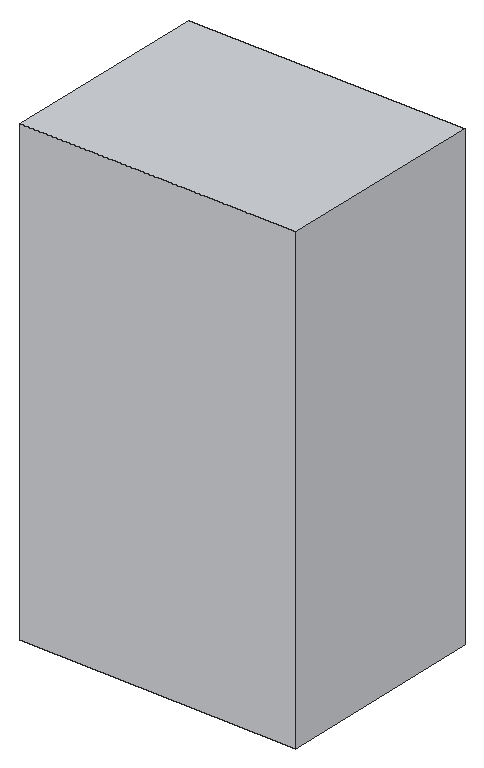
Revit family
Parameters
  Warranty Duration (Years) = 0
  URL = "http://www.americanspecialties.com/viewCategories.cfm"
  Body Material = Metal - Stainless Steel w/Satin
  Grab Bar Length [instance] = 1' - 0"
  Trim Material = Metal - Stainless Steel w/Satin
  Test Data = ""
  Specification = "http://www.arcat.com/sdspecs/htm/10810asi.htm"
  SpecWizard = ""
  Send Message = "http://www.arcat.com/users.pl?action=UserEmail&company=American%20Specialties,%20Inc.&coid=30448&rep=139&fax=914-476-0688&mf="
  Sales Information = "http://www.americanspecialties.com/contact"
  Revision = "R1_10-2010"
  Product Properties = "http://www.americanspecialties.com/datasheets/38001.pdf"
  Product Data = "http://www.arcat.com/arcatcos/cos30/arc30448.html"
  Model = "As Specified in 10 28 13"
  Manufacturer Website = "http://www.americanspecialties.com/viewCategories.cfm"
  Manufacturer Phone - Toll Free = ""
  Manufacturer Phone = "914-476-9000 "
  Manufacturer Fax = "914-476-0688"
  Manufacturer Address = "441 Saw Mill River Rd., Yonkers, NY 10701"
  Manufacturer = "American Specialties, Inc."
  Maintenance Schedule (Months) = 0
  Keynote = "10 28 13"
  Installation-Fabrication = "http://www.americanspecialties.com/products.cfm"
  Green Building-LEED = ""
  Expected Lifespan (Years) = 0
  Drawn By = "Robert S. Weygant. CSI, CDT, SCIP"  # constant formula
  Description = "Toilet Accessory as Specified in 10 28 13"
  Default Elevation = 4' - 0"
  Copyright = "©Arcat Inc."
  Construction Details = "http://www.arcat.com/green/clients/leed_data_30448.html"
  Building Codes = "http://www.americanspecialties.com/products.cfm"
  Assembly Code = "C1030210"
Reference planes (in)
  plane 1 "Center (Front/Back)": y = -0.29112
  plane 2 "Floor Line": z = 0
  plane 3 "Center (Left/Right)": x = -0.65843
  plane 4: x = -6.65843
  plane 5: x = 5.34157
Forms (in)
  Extrusion 1, solid
    sketch origin (-3.65843, -8.79112, -6) x (0, 0, -1) y (1, 0, 0)
      loop
        line (-82, 26) -> (-82, -19.34712) -> (-6, -19.34712) -> (-6, 26) -> (-82, 26)
    from 9 to -25.60721
  Sweep 2, solid, material "Metal - Stainless Steel w/Satin" <- "Body Material"
    path origin (0, -0.29112, 0) x (1, 0, 0) y (0, 0, 1)
      loop
        arc (-6.66189, 0) -> (-6.00288, 1.59099) -> (-4.41189, 2.25) r 2.25
        line (-4.41189, 2.25) -> (3.09503, 2.25)
        arc (3.09503, 2.25) -> (4.68602, 1.59099) -> (5.34503, 0) r 2.25
    profile origin (-0.65843, -0.29112, 2.25) x (0, 0, 1) y (0, -1, 0)
      loop
        circle (0, 0) r 0.75
  Revolve 3, solid, material "Metal - Stainless Steel w/Satin" <- "Body Material"
    sketch origin (-1.31687, -0.29112, 0) x (-1, 0, 0) y (0, 0, 1)
      loop
        line (-6.65843, 0.47413) -> (-5.15377, 0.40574)
        arc (-5.15377, 0.40574) -> (-5.09054, 0.37698) -> (-5.06468, 0.31251) r 0.09333
        line (-5.06468, 0.31251) -> (-5.06468, 0) -> (-5.03343, 0) -> (-5.03343, 0.31251)
        arc (-5.03343, 0.31251) -> (-5.06794, 0.39857) -> (-5.15235, 0.43695) r 0.12458
        line (-5.15235, 0.43695) -> (-6.65843, 0.50541) -> (-6.65843, 0.47413)
      axis (-6.65843, 0.50541) -> (-6.65843, 0)
    angle from 0 to 360
  Extrusion 4, solid
    sketch origin (0, 0, 0) x (1, 0, 0) y (0, 1, 0)
      loop
        arc (5.21788, 1.26648) -> (3.9884, 0.49013) -> (3.9308, -0.9628) r 1.5625
        arc (3.9308, -0.9628) -> (3.96026, -1.08861) -> (4.05449, -1.17703) r 0.22325
        arc (4.05449, -1.17703) -> (5.34157, -1.85362) -> (6.62864, -1.17703) r 1.5625
        arc (6.62864, -1.17703) -> (6.72287, -1.08861) -> (6.75233, -0.9628) r 0.22325
        arc (6.75233, -0.9628) -> (6.69473, 0.49013) -> (5.46525, 1.26648) r 1.5625
        arc (5.46525, 1.26648) -> (5.34157, 1.30387) -> (5.21788, 1.26648) r 0.22325
      loop
        circle (6.35704, -0.29112) r 0.1875
      loop
        circle (4.32609, -0.29112) r 0.1875
      loop
        circle (5.34157, -0.29112) r 0.75
    from 0 to 0.125
  Revolve 5, solid, material "Metal - Stainless Steel w/Satin" <- "Body Material"
    sketch origin (0, -0.29112, 0) x (1, 0, 0) y (0, 0, 1)
      loop
        line (-6.65843, 0.47413) -> (-5.15377, 0.40574)
        arc (-5.15377, 0.40574) -> (-5.09054, 0.37698) -> (-5.06468, 0.31251) r 0.09333
        line (-5.06468, 0.31251) -> (-5.06468, 0) -> (-5.03343, 0) -> (-5.03343, 0.31251)
        arc (-5.03343, 0.31251) -> (-5.06794, 0.39857) -> (-5.15235, 0.43695) r 0.12458
        line (-5.15235, 0.43695) -> (-6.65843, 0.50541) -> (-6.65843, 0.47413)
      axis (-6.65843, 0.50541) -> (-6.65843, 0)
    angle from 0 to 360
  Extrusion 6, solid
    sketch origin (-1.31687, 0, 0) x (-1, 0, 0) y (0, -1, 0)
      loop
        arc (5.21788, -1.26648) -> (5.34157, -1.30387) -> (5.46525, -1.26648) r 0.22325
        arc (5.46525, -1.26648) -> (6.69473, -0.49013) -> (6.75233, 0.9628) r 1.5625
        arc (6.75233, 0.9628) -> (6.72287, 1.08861) -> (6.62864, 1.17703) r 0.22325
        arc (6.62864, 1.17703) -> (5.34157, 1.85362) -> (4.05449, 1.17703) r 1.5625
        arc (4.05449, 1.17703) -> (3.96026, 1.08861) -> (3.9308, 0.9628) r 0.22325
        arc (3.9308, 0.9628) -> (3.9884, -0.49013) -> (5.21788, -1.26648) r 1.5625
      loop
        circle (6.35704, 0.29112) r 0.1875
      loop
        circle (4.32609, 0.29112) r 0.1875
      loop
        circle (5.34157, 0.29112) r 0.75
    from 0 to 0.125
Dimensions and locks (in)
  equal spacing: plane 4, plane 3 "Center (Left/Right)", plane 5
  "Grab Bar Length": plane 4 to plane 5
Automatic sketch dimensions
  Extrusion 1 sketch curve to Extrusion 1 sketch curve = 6' - 4"
  Extrusion 1 sketch curve to Extrusion 1 sketch curve = 3' - 9.34712"
  Sweep 2 sketch curve to level = 0' - 0"  (x2)
  Sweep 2 sketch curve to plane 4 = 0' - 0.00346"
  plane 4 to Sweep 2 sketch curve = 0' - 2.24654"
  Sweep 2 sketch curve to plane 5 = 0' - 2.24654"
  Sweep 2 sketch curve to plane 1 "Center (Front/Back)" = 0' - 0"
  Sweep 2 sketch curve to profile plane = 0' - 0"
  Revolve 3 sketch curve to Revolve 3 sketch curve = 0' - 0"  (x2)
  Revolve 3 sketch curve to plane 5 = 0' - 0"  (x2)
  Revolve 3 sketch curve to level = 0' - 0"
  Revolve 3 sketch curve to level = 0' - 0 5/16"
  plane 5 to Revolve 3 sketch curve = 0' - 1.50042"
  Revolve 3 sketch curve to Revolve 3 sketch curve = 0' - 0.00424"
  Revolve 3 sketch curve to Revolve 3 sketch curve = 0' - 0.00142"
  Revolve 3 sketch curve to Revolve 3 sketch curve = 0' - 0.09333"
  Revolve 3 sketch curve to Revolve 3 sketch curve = 0' - 0 1/32"
  level to Revolve 3 sketch curve = 1' - 0"
  Revolve 3 sketch curve to level = 0' - 0.47413"
  Revolve 3 sketch curve to Revolve 3 sketch curve = 0' - 0.03128"
  Revolve 3 sketch curve to Revolve 3 sketch curve = 7' - 11.49459"
  Extrusion 4 sketch curve to Extrusion 4 sketch curve = 0' - 0"  (x12)
  Extrusion 4 sketch curve to plane 1 "Center (Front/Back)" = 0' - 0"  (x3)
  Extrusion 4 sketch curve to plane 5 = 0' - 0"  (x2)
  Extrusion 4 sketch curve to plane 5 = 0' - 0.12369"
  Extrusion 4 sketch curve to Extrusion 4 sketch curve = 0' - 1.01548"
  Extrusion 4 sketch curve to Extrusion 4 sketch curve = 0' - 0.17249"  (x2)
  Extrusion 4 sketch curve to Extrusion 4 sketch curve = 0' - 0.09911"  (x2)
  Extrusion 4 sketch curve to Extrusion 4 sketch curve = 0' - 0.2228"  (x2)
  plane 5 to Extrusion 4 sketch curve = 0' - 0.12369"
  plane 5 to Extrusion 4 sketch curve = 0' - 1.01548"
  plane 1 "Center (Front/Back)" to Extrusion 4 sketch curve = 0' - 0.67168"
  Extrusion 4 sketch curve to Extrusion 4 sketch curve = 0' - 0.01419"
  Extrusion 4 sketch curve to Extrusion 4 sketch curve = 0' - 0.18585"
  Revolve 5 sketch curve to Revolve 5 sketch curve = 0' - 0"  (x2)
  Revolve 5 sketch curve to plane 4 = 0' - 0"  (x2)
  Revolve 5 sketch curve to level = 0' - 0"
  level to Revolve 5 sketch curve = 0' - 0 5/16"
  plane 4 to Revolve 5 sketch curve = 0' - 1.50042"
  Revolve 5 sketch curve to Revolve 5 sketch curve = 0' - 0.00424"
  Revolve 5 sketch curve to Revolve 5 sketch curve = 0' - 0.00142"
  Revolve 5 sketch curve to Revolve 5 sketch curve = 0' - 0.09333"
  Revolve 5 sketch curve to Revolve 5 sketch curve = 0' - 0 1/32"
  Revolve 5 sketch curve to level = 1' - 0"
  level to Revolve 5 sketch curve = 0' - 0.47413"
  Revolve 5 sketch curve to Revolve 5 sketch curve = 0' - 0.03128"
  Revolve 5 sketch curve to Revolve 5 sketch curve = 7' - 11.49459"
  Extrusion 6 sketch curve to Extrusion 6 sketch curve = 0' - 0"  (x12)
  Extrusion 6 sketch curve to plane 1 "Center (Front/Back)" = 0' - 0"  (x3)
  Extrusion 6 sketch curve to plane 4 = 0' - 0"  (x2)
  plane 4 to Extrusion 6 sketch curve = 0' - 0.12369"
  Extrusion 6 sketch curve to Extrusion 6 sketch curve = 0' - 1.01548"
  Extrusion 6 sketch curve to Extrusion 6 sketch curve = 0' - 0.17249"  (x2)
  Extrusion 6 sketch curve to Extrusion 6 sketch curve = 0' - 0.09911"  (x2)
  Extrusion 6 sketch curve to Extrusion 6 sketch curve = 0' - 0.2228"  (x2)
  Extrusion 6 sketch curve to plane 4 = 0' - 0.12369"
  Extrusion 6 sketch curve to plane 4 = 0' - 1.01548"
  Extrusion 6 sketch curve to plane 1 "Center (Front/Back)" = 0' - 1.37174"
  Extrusion 6 sketch curve to Extrusion 6 sketch curve = 0' - 0.18585"
  Extrusion 6 sketch curve to Extrusion 6 sketch curve = 0' - 0.01419"
  radius of Sweep 2 sketch curve = 0' - 0 3/4"
  radius of Extrusion 4 sketch curve = 0' - 0 3/16"  (x2)
  radius of Extrusion 4 sketch curve = 0' - 0 3/4"
  radius of Extrusion 6 sketch curve = 0' - 0 3/16"  (x2)
  radius of Extrusion 6 sketch curve = 0' - 0 3/4"
